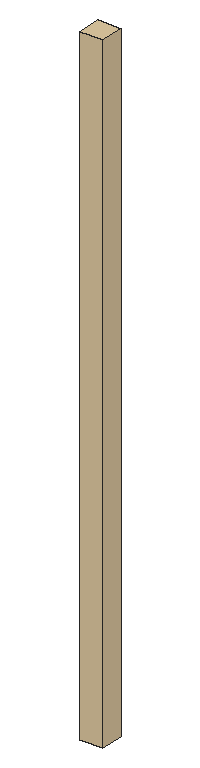
Revit family "M_PSL-Parallel Strand Lumber-Column", category 구조 기둥, Revit 2026
Family settings
  단면 모양 = 정의되지 않음
  모델 동작 재료 = 목재
  항상 형상으로 내보내기 = 아니오
  평면의 보 전환 = 경계 상자에서
  로드될 때 보이드를 사용하여 절단 = 아니오
  기호 표현 = 프로젝트 설정에서
  공유 = 아니오
  평면도에서 미리 절단된 패밀리 표시 = 예
Parameters (values of type "89x89")
  Structural Material [instance] = Wood - Dimensional Lumber
  b = 89 mm
  d = 89 mm
Types (3, lengths in mm): name | b | d
  (no name) | 89 | 89
  89x89 | 89 | 89
  133x133 | 133 | 133
Reference planes
  plane 1 "Center (Front/Back)": y = 0
  plane 2: z = 0
  plane 3 "Center (Left/Right)": x = 0
  plane 4: x = -44.5
  plane 5: x = 44.5
  plane 6: y = 44.5
  plane 7: y = -44.5
Forms (mm)
  Extrusion 1, solid, material "Wood - Dimensional Lumber" <- "Structural Material", detail levels medium+fine
    sketch origin (0, 0, 0) x (1, 0, 0) y (0, 1, 0)
      loop
        line (-44.5, 44.5) -> (-44.5, -44.5) -> (44.5, -44.5) -> (44.5, 44.5) -> (-44.5, 44.5)
    from 0 to 2500
Lines and regions (mm)
  symbolic lines, style "StructuralColumnStickSymbols", detail levels coarse
    curve 1: line (-44.5, 44.5, 0) -> (44.5, 44.5, 0)
    curve 2: line (-44.5, -44.5, 0) -> (44.5, -44.5, 0)
    curve 3: line (-44.5, 44.5, 0) -> (-44.5, -44.5, 0)
    curve 4: line (44.5, 44.5, 0) -> (44.5, -44.5, 0)
Dimensions and locks
  equal spacing: plane 4, plane 3 "Center (Left/Right)", plane 5
  equal spacing: plane 7, plane 1 "Center (Front/Back)", plane 6
  "d": plane 7 to plane 6
  "b": plane 4 to plane 5
  aligned and locked: plane 6 to Extrusion 1 sketch curve
  aligned and locked: Extrusion 1 sketch curve to plane 7
  aligned and locked: Extrusion 1 sketch curve to plane 4
  aligned and locked: plane 5 to Extrusion 1 sketch curve
  aligned and locked: level to Extrusion 1
  aligned and locked: level to plane 2
  aligned and locked: Extrusion 1 to plane 2
Automatic sketch dimensions
  curve 3 to plane 4 = 0 mm
  curve 4 to plane 5 = 0 mm
  curve 3 to plane 7 = 0 mm
  curve 3 to plane 6 = 0 mm
